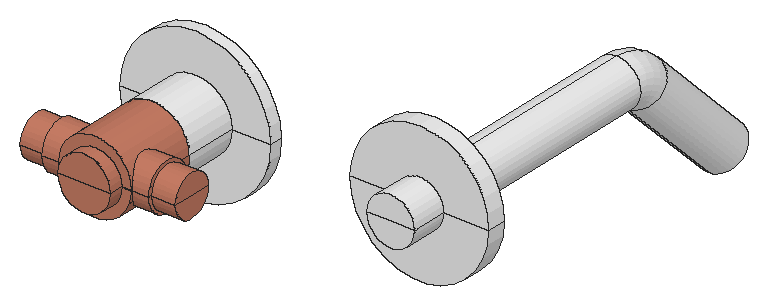
Revit family "FT 701310001_Lavamanos Pico Expuesto Push", category Plumbing Fixtures, host Wall, Revit 2019
Family settings
  Host = Wall
  Round Connector Dimension = Use Diameter
  Part Type = Normal
  OmniClass Number = 23.31.11.00
  OmniClass Title = Faucets
  Always vertical = Yes
  Cut with Voids When Loaded = No
  Shared = No
  Room Calculation Point = No
Parameters (values of type "PUSH")
  URL = "https://corona.co/productos/griferias/griferias-institucionales/griferia-para-lavamanos-institucional-de-empotrar-push-pico-expuesto/p/701310001"
  Torque de cierre = "Ajustar con una llave hasta obtener un selle perfecto"  # constant formula
  Presión mínima recomendada = "20 psi elástica."  # constant formula
  Presión máxima recomendada = "80 psi elástica"  # constant formula
  Peso Neto aprox = "77gr. / 1,70Lb"  # constant formula
  Peso Bruto aprox = "860gr. / 1,90Lb."  # constant formula
  Model = "Grifería para Lavamanos Institucional de Empotrar Push Pico Expuesto"  # constant formula
  Material Conector = Corona_Cobre
  Material = Corona_Cromado
  Manufacturer = "Corona"  # constant formula
  Garantía Acabados = "2 años"  # constant formula
  Garantía = "3 años"  # constant formula
  Flujo reaL (L/min) = "6,5 - 9,68 L/min - 0,33 - 0,49 L/Descarga"  # constant formula
  Flujo max @80psi = "9,68 L/min - 0,49 L/Descarga"  # constant formula
  Fecha de creación = "2/07/2020"  # constant formula
  Description = "Las grifierías de lavamanos Corona son el aliado perfecto para las necesidades\r\nde las instituciones de alto tráfico, están diseñadas para un óptimo\r\nfuncioamiento y durabilidad debido a sus características antivandálicas • Grifiería de Lavamanos antivandálica con regadera de pico expuesto.\r\n• Consumo de agua desde 0.41 L hasta 1.9 L de acuerdo al cartucho.\r\n• Cierre automático temporizado entre 5 a 9 segundos."  # constant formula
  Creado por = "IDD"  # constant formula
  Ciclo de Vida y Desempeño de la descarga = "150,000 ciclos."  # constant formula
  Alto = 900 mm
Reference planes
  plane 1: y = 0
  plane 2 "Center (Left/Right)": x = 125
  plane 3 "Back": y = 75
  plane 4: z = 900
  plane 5: z = 844.4
  plane 6: z = 937.062
Text (mm)
  text "Placement side" at (-1787.139, 592.35, 0), in view "Ref. Level"
  text "Placement side" at (0, 1827.695, 2917.686), in view "Left"
  text "Placement side" at (0, 562.268, 3853.606), in view "Right"
Dimensions and locks
  locked: plane 3 "Back" to host wall at 0
  "Alto": plane 4 to level
  locked: plane 4 to plane 5 at 55.6
  locked: plane 6 to plane 5 at 92.662
  aligned and locked: plane 1 to host wall
  aligned and locked: nested 1 to plane 3 "Back"
  aligned and locked: nested 2 to plane 3 "Back"
  aligned and locked: plane 5 to nested 1
  aligned and locked: plane 6 to nested 2
Nested families
  nested 1: "Family2" at (180, 84.168, 900) x (-1, 0, 0) z (0, 0, 1), type "Family2"
  nested 2: "Family3" at (70, 75, 900) x (-1, 0, 0) z (0, 0, 1), type "Family3"
Connectors
  piping at (32, 25.108, 900), diameter 12.7
    settings: on nested 2, index 1, connector inside diameter 609.6 mm, connector length 0 mm, flow factor 0, pipe flow 0.0 L/s, pressure drop 0.0 Pa, fitting loss kfactor 0, connector angle 0.00°, fixture units 0, engagement length 0 mm, angle of deflection 0.00°, flow configuration 0, flow direction 0, fitting loss method 0, system type 20, joint type 0, gender type 0, connector reference index -1, connector utility 0, adjustable connector no, is connector primary yes, connector description ""
  piping at (108, 25.108, 900), diameter 12.7
    settings: on nested 2, index 2, connector inside diameter 609.6 mm, connector length 0 mm, flow factor 0, pipe flow 0.0 L/s, pressure drop 0.0 Pa, fitting loss kfactor 0, connector angle 0.00°, fixture units 0, engagement length 0 mm, angle of deflection 0.00°, flow configuration 0, flow direction 0, fitting loss method 0, system type 20, joint type 0, gender type 0, connector reference index -1, connector utility 0, adjustable connector no, is connector primary no, connector description ""
Definition of nested family "Family2"
  Parameters (values of type "Family2")
    Material = none
    Longitud = 175.6 mm
  Reference planes
    plane 1 "Center (Front/Back)": y = 0
    plane 2: z = 0
    plane 3 "Center (Left/Right)": x = 0
    plane 4 "Center L/S": y = -175.6
    plane 5: z = -55.6
  Forms (mm)
    Revolve 1, solid, material <- "Material"
      sketch origin (0, 0, 0) x (1, 0, 0) y (0, 1, 0)
        loop
          line (0, 26.923) -> (-11.606, 26.923) -> (-11.606, 9.168) -> (-34.078, 9.168) -> (-34.078, 0) -> (0, 0) -> (0, 26.923)
        axis (0, 26.923) -> (0, 0)
      angle from 0 to 360
    Sweep 2, solid, material <- "Material"
      path origin (0, 0, 0) x (0, 1, 0) y (0, 0, 1)
        loop
          line (0, 0) -> (-111.716, 0)
          arc (-111.716, 0) -> (-119.369, -1.522) -> (-125.858, -5.858) r 20
          line (-125.858, -5.858) -> (-175.6, -55.6)
      profile origin (0, -55.858, 0) x (0, 0, -1) y (1, 0, 0)
        loop
          circle (0, 0) r 11.606
  Dimensions and locks
    "Longitud": plane 4 "Center L/S" to plane 1 "Center (Front/Back)"
    plane 2 to plane 5 = 55.6 mm
    aligned and locked: level to plane 2
  Automatic sketch dimensions
    plane 1 "Center (Front/Back)" to Revolve 1 sketch curve = 0 mm
    Revolve 1 sketch curve to plane 3 "Center (Left/Right)" = 0 mm  (x2)
    Revolve 1 sketch curve to Revolve 1 sketch curve = 11.606 mm
    Revolve 1 sketch curve to Revolve 1 sketch curve = 34.078 mm
    Revolve 1 sketch curve to plane 1 "Center (Front/Back)" = 9.168 mm
    Revolve 1 sketch curve to Revolve 1 sketch curve = 17.754 mm
    Revolve 1 sketch curve to Revolve 1 sketch curve = 2.939 mm
    Revolve 1 sketch curve to Revolve 1 sketch curve = 0 mm
    Sweep 2 sketch curve to plane 3 "Center (Left/Right)" = 0 mm
    Sweep 2 sketch curve to profile plane = 0 mm
    Sweep 2 sketch curve to plane 4 "Center L/S" = 0 mm
    Sweep 2 sketch curve to level = 0 mm
    Sweep 2 sketch curve to plane 1 "Center (Front/Back)" = 0 mm
    Sweep 2 sketch curve to plane 5 = 0 mm
    Sweep 2 sketch curve to level = 5.858 mm
    Sweep 2 sketch curve to plane 4 "Center L/S" = 49.742 mm
    plane 5 to Sweep 2 sketch curve = 35.6 mm
    radius of Sweep 2 sketch curve = 11.606 mm
Definition of nested family "Family3"
  Parameters (values of type "Family3")
    Material Conector = none
    Material = none
    Ancho = 76 mm
  Reference planes
    plane 1 "Center (Front/Back)": y = 0
    plane 2: z = 0
    plane 3 "Center (Left/Right)": x = 0
    plane 4: z = 37.062
  Forms (mm)
    Revolve 1, solid, material <- "Material"
      sketch origin (0, 0, 0) x (1, 0, 0) y (0, 1, 0)
        loop
          line (17.9, 0) -> (17.9, 26.25) -> (0, 26.25) -> (0, -15.817) -> (16.074, -15.817)
          arc (16.074, -15.817) -> (19.67, -12.6) -> (20.985, -7.957) r 8.656
          line (20.985, -7.957) -> (27.541, -7.957)
          arc (27.541, -7.957) -> (29.075, -7.309) -> (30.208, -6.089) r 3.972
          line (30.208, -6.089) -> (37.062, -6.089) -> (37.062, 0) -> (17.9, 0)
        axis (0, 26.25) -> (0, -15.817)
      angle from 0 to 360
    Revolve 2, solid, material <- "Material Conector"
      sketch origin (0, 0, 0) x (1, 0, 0) y (0, 1, 0)
        loop
          line (0, 26.25) -> (17.9, 26.25) -> (17.9, 61.364) -> (12.9, 61.364) -> (12.9, 68.096) -> (0, 68.096) -> (0, 26.25)
        axis (0, 68.096) -> (0, 26.25)
      angle from 0 to 360
    Revolve 3, solid, material <- "Material Conector"
      sketch origin (0, 0, 0) x (1, 0, 0) y (0, 1, 0)
        loop
          line (14.328, 61.364) -> (14.328, 49.892) -> (38, 49.892) -> (38, 59.892) -> (26.163, 59.892) -> (26.163, 61.364) -> (14.328, 61.364)
        axis (14.328, 49.892) -> (38, 49.892)
      angle from 0 to 360
    Revolve 4, solid, material <- "Material Conector"
      sketch origin (0, 0, 0) x (-1, 0, 0) y (0, 1, 0)
        loop
          line (14.328, 61.364) -> (14.328, 49.892) -> (38, 49.892) -> (38, 59.892) -> (26.163, 59.892) -> (26.163, 61.364) -> (14.328, 61.364)
        axis (14.328, 49.892) -> (38, 49.892)
      angle from 0 to 360
    Extrusion 5, void
      sketch origin (0, 0, 0) x (1, 0, 0) y (0, 0, 1)
        loop
          circle (0, 0) r 16.074
        loop
          circle (0, 0) r 17
      from 13.222 to 15.817
  Cuts and joins
    Extrusion 5 cuts Revolve 1
  Dimensions and locks
    equal spacing: Revolve 4, plane 3 "Center (Left/Right)", Revolve 3
    aligned and locked: level to plane 2
  Automatic sketch dimensions
    Revolve 2 sketch curve to plane 3 "Center (Left/Right)" = 0 mm  (x2)
    plane 3 "Center (Left/Right)" to Revolve 2 sketch curve = 12.9 mm
    Revolve 2 sketch curve to Revolve 2 sketch curve = 5 mm  (x2)
    Revolve 2 sketch curve to plane 1 "Center (Front/Back)" = 26.25 mm
    Revolve 2 sketch curve to Revolve 2 sketch curve = 35.114 mm
    Revolve 2 sketch curve to Revolve 2 sketch curve = 6.732 mm
    Revolve 2 sketch curve to Revolve 2 sketch curve = 0 mm
    plane 3 "Center (Left/Right)" to Revolve 3 sketch curve = 14.328 mm
    Revolve 3 sketch curve to Revolve 3 sketch curve = 11.835 mm
    Revolve 3 sketch curve to Revolve 3 sketch curve = 11.837 mm
    Revolve 3 sketch curve to plane 1 "Center (Front/Back)" = 49.892 mm
    Revolve 3 sketch curve to Revolve 3 sketch curve = 10 mm
    Revolve 3 sketch curve to Revolve 3 sketch curve = 11.472 mm
    Revolve 3 sketch curve to Revolve 3 sketch curve = 4.375 mm
    Revolve 3 sketch curve to Revolve 3 sketch curve = 3.215 mm
    Revolve 3 sketch curve to Revolve 3 sketch curve = 0 mm
    plane 3 "Center (Left/Right)" to Revolve 4 sketch curve = 14.328 mm
    Revolve 4 sketch curve to Revolve 4 sketch curve = 11.835 mm
    Revolve 4 sketch curve to Revolve 4 sketch curve = 11.837 mm
    plane 1 "Center (Front/Back)" to Revolve 4 sketch curve = 49.892 mm
    Revolve 4 sketch curve to Revolve 4 sketch curve = 10 mm
    Revolve 4 sketch curve to Revolve 4 sketch curve = 11.472 mm
    Revolve 4 sketch curve to Revolve 4 sketch curve = 4.375 mm
    Revolve 4 sketch curve to Revolve 4 sketch curve = 3.215 mm
    Revolve 4 sketch curve to Revolve 4 sketch curve = 0 mm
    Revolve 1 sketch curve to plane 3 "Center (Left/Right)" = 0 mm  (x2)
    plane 1 "Center (Front/Back)" to Revolve 1 sketch curve = 0 mm  (x2)
    plane 3 "Center (Left/Right)" to Revolve 1 sketch curve = 12.329 mm
    Revolve 1 sketch curve to Revolve 1 sketch curve = 3.744 mm
    Revolve 1 sketch curve to Revolve 1 sketch curve = 5.571 mm
    Revolve 1 sketch curve to Revolve 1 sketch curve = 3.085 mm
    plane 1 "Center (Front/Back)" to Revolve 1 sketch curve = 4.055 mm
    Revolve 1 sketch curve to Revolve 1 sketch curve = 5.811 mm
    Revolve 1 sketch curve to Revolve 1 sketch curve = 0.745 mm
    Revolve 1 sketch curve to Revolve 1 sketch curve = 2.667 mm
    Revolve 1 sketch curve to Revolve 1 sketch curve = 6.853 mm
    plane 1 "Center (Front/Back)" to Revolve 1 sketch curve = 6.089 mm
    plane 1 "Center (Front/Back)" to Revolve 1 sketch curve = 8.013 mm
    plane 1 "Center (Front/Back)" to Revolve 1 sketch curve = 1.271 mm
    Revolve 1 sketch curve to plane 1 "Center (Front/Back)" = 26.25 mm
    Extrusion 5 sketch curve to Extrusion 5 sketch curve = 0 mm  (x2)
    Extrusion 5 sketch curve to level = 0 mm
    Extrusion 5 sketch curve to plane 3 "Center (Left/Right)" = 0 mm
    radius of Extrusion 5 sketch curve = 16.074 mm
    radius of Extrusion 5 sketch curve = 17 mm
